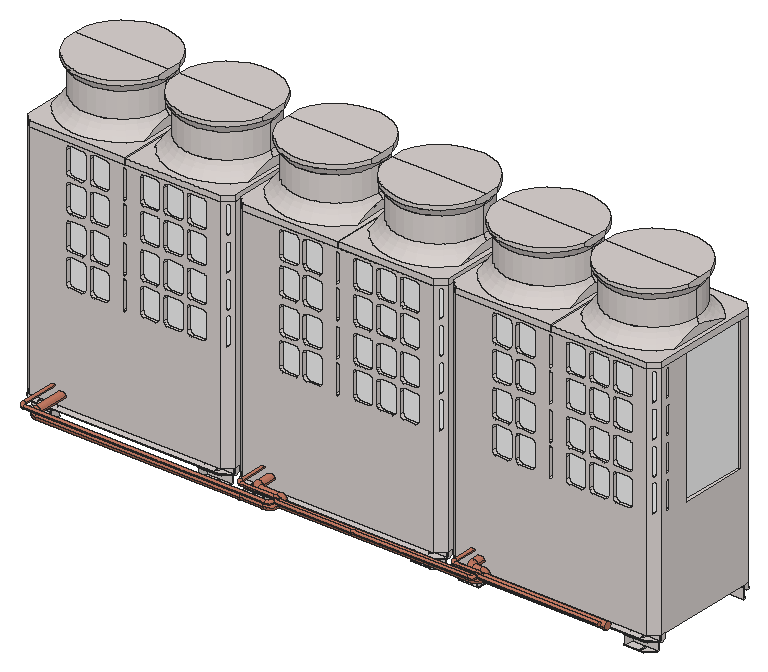
Revit family "PUHY-P1300YSNW-A1", category 機械設備, Revit 2016 (continued)
Definition of nested family "PUHY-P400YNW-A1"
  Lines and regions (mm)
    model lines
      curve 18: arc (-347, -370, 205) -> (-349.929, -370, 212.071) -> (-357, -370, 215) r 10
      curve 19: line (-405, -370, 1521) -> (-405, -370, 716)
      curve 20: line (620, -162.3, 1521) -> (620, -162.3, 95)
      curve 21: line (620, 289.2, 1521) -> (620, 289.2, 95)
      curve 22: line (620, -162.3, 705) -> (620, 289.2, 705)
      curve 23: line (620, -162.3, 725) -> (620, 289.2, 725)
      curve 24: line (620, -76.8, 583) -> (620, 203.2, 583)
      curve 25: line (620, 203.2, 563) -> (620, -76.8, 563)
      curve 26: arc (620, -76.8, 583) -> (620, -83.871, 580.071) -> (620, -86.8, 573) r 10
      curve 27: arc (620, -76.8, 563) -> (620, -83.871, 565.929) -> (620, -86.8, 573) r 10
      curve 28: arc (620, 203.2, 583) -> (620, 210.271, 580.071) -> (620, 213.2, 573) r 10
      curve 29: arc (620, 203.2, 563) -> (620, 210.271, 565.929) -> (620, 213.2, 573) r 10
      curve 30: line (620, -76.8, 478) -> (620, 203.2, 478)
      curve 31: line (620, 203.2, 458) -> (620, -76.8, 458)
      curve 32: arc (620, -76.8, 478) -> (620, -83.871, 475.071) -> (620, -86.8, 468) r 10
      curve 33: arc (620, -76.8, 458) -> (620, -83.871, 460.929) -> (620, -86.8, 468) r 10
      curve 34: arc (620, 203.2, 478) -> (620, 210.271, 475.071) -> (620, 213.2, 468) r 10
      curve 35: arc (620, 203.2, 458) -> (620, 210.271, 460.929) -> (620, 213.2, 468) r 10
      curve 36: line (620, -76.8, 373) -> (620, 203.2, 373)
      curve 37: line (620, 203.2, 353) -> (620, -76.8, 353)
      curve 38: arc (620, -76.8, 373) -> (620, -83.871, 370.071) -> (620, -86.8, 363) r 10
      curve 39: arc (620, -76.8, 353) -> (620, -83.871, 355.929) -> (620, -86.8, 363) r 10
      curve 40: arc (620, 203.2, 373) -> (620, 210.271, 370.071) -> (620, 213.2, 363) r 10
      curve 41: arc (620, 203.2, 353) -> (620, 210.271, 355.929) -> (620, 213.2, 363) r 10
      curve 42: line (620, -76.8, 268) -> (620, 203.2, 268)
      curve 43: line (620, 203.2, 248) -> (620, -76.8, 248)
      curve 44: arc (620, -76.8, 268) -> (620, -83.871, 265.071) -> (620, -86.8, 258) r 10
      curve 45: arc (620, -76.8, 248) -> (620, -83.871, 250.929) -> (620, -86.8, 258) r 10
      curve 46: arc (620, 203.2, 268) -> (620, 210.271, 265.071) -> (620, 213.2, 258) r 10
      curve 47: arc (620, 203.2, 248) -> (620, 210.271, 250.929) -> (620, 213.2, 258) r 10
      curve 48: line (-620, -162.3, 1521) -> (-620, -162.3, 95)
      curve 49: line (-620, 235.7, 1521) -> (-620, 235.7, 95)
      curve 50: line (-620, -112.3, 1521) -> (-620, -112.3, 705)
      curve 51: line (-620, 215.7, 1521) -> (-620, 215.7, 705)
      curve 52: line (-620, 235.7, 705) -> (-620, -162.3, 705)
      curve 53: line (-620, 176.7, 268) -> (-620, -103.3, 268)
      curve 54: line (-620, -103.3, 248) -> (-620, 176.7, 248)
      curve 55: arc (-620, 186.7, 258) -> (-620, 183.771, 265.071) -> (-620, 176.7, 268) r 10
      curve 56: arc (-620, 176.7, 248) -> (-620, 183.771, 250.929) -> (-620, 186.7, 258) r 10
      curve 57: arc (-620, -103.3, 268) -> (-620, -110.371, 265.071) -> (-620, -113.3, 258) r 10
      curve 58: arc (-620, -113.3, 258) -> (-620, -110.371, 250.929) -> (-620, -103.3, 248) r 10
      curve 59: line (-620, 176.7, 373) -> (-620, -103.3, 373)
      curve 60: line (-620, -103.3, 353) -> (-620, 176.7, 353)
      curve 61: arc (-620, 186.7, 363) -> (-620, 183.771, 370.071) -> (-620, 176.7, 373) r 10
      curve 62: arc (-620, 176.7, 353) -> (-620, 183.771, 355.929) -> (-620, 186.7, 363) r 10
      curve 63: arc (-620, -103.3, 373) -> (-620, -110.371, 370.071) -> (-620, -113.3, 363) r 10
      curve 64: arc (-620, -113.3, 363) -> (-620, -110.371, 355.929) -> (-620, -103.3, 353) r 10
      curve 65: line (-620, 176.7, 478) -> (-620, -103.3, 478)
      curve 66: line (-620, -103.3, 458) -> (-620, 176.7, 458)
      curve 67: arc (-620, 186.7, 468) -> (-620, 183.771, 475.071) -> (-620, 176.7, 478) r 10
      curve 68: arc (-620, 176.7, 458) -> (-620, 183.771, 460.929) -> (-620, 186.7, 468) r 10
      curve 69: arc (-620, -103.3, 478) -> (-620, -110.371, 475.071) -> (-620, -113.3, 468) r 10
      curve 70: arc (-620, -113.3, 468) -> (-620, -110.371, 460.929) -> (-620, -103.3, 458) r 10
      curve 71: line (-620, 176.7, 583) -> (-620, -103.3, 583)
      curve 72: line (-620, -103.3, 563) -> (-620, 176.7, 563)
      curve 73: arc (-620, 186.7, 573) -> (-620, 183.771, 580.071) -> (-620, 176.7, 583) r 10
      curve 74: arc (-620, 176.7, 563) -> (-620, 183.771, 565.929) -> (-620, 186.7, 573) r 10
      curve 75: arc (-620, -103.3, 583) -> (-620, -110.371, 580.071) -> (-620, -113.3, 573) r 10
      curve 76: arc (-620, -113.3, 573) -> (-620, -110.371, 565.929) -> (-620, -103.3, 563) r 10
      curve 77: line (-544, 370, 1521) -> (-544, 370, 95)
      curve 78: line (489, 370, 649) -> (30, 370, 649)
      curve 79: line (-30.5, 370, 649) -> (-544, 370, 649)
      curve 80: line (-147.25, 370, 584) -> (-427.25, 370, 584)
      curve 81: line (-427.25, 370, 564) -> (-147.25, 370, 564)
      curve 82: arc (-137.25, 370, 574) -> (-140.179, 370, 581.071) -> (-147.25, 370, 584) r 10
      curve 83: arc (-147.25, 370, 564) -> (-140.179, 370, 566.929) -> (-137.25, 370, 574) r 10
      curve 84: arc (-427.25, 370, 584) -> (-434.321, 370, 581.071) -> (-437.25, 370, 574) r 10
      curve 85: arc (-437.25, 370, 574) -> (-434.321, 370, 566.929) -> (-427.25, 370, 564) r 10
      curve 86: circle (448, -185, 1521) r 15 normal (0, 0, 1)
      curve 87: circle (468, -185, 95) r 26 normal (0, 0, 1)
      curve 88: circle (448, -260, 95) r 32.5 normal (0, 0, 1)
      curve 89: circle (404, -204, 95) r 17 normal (0, 0, 1)
      curve 90: line (-550, -370, 1521) -> (-550, -370, 95)
      curve 91: line (-550, -370, 716) -> (-30, -370, 716)
      curve 92: line (550, -370, 95) -> (550, -370, 1521)
      curve 93: line (30, -370, 716) -> (550, -370, 716)
      curve 94: line (-30.5, 370, 1521) -> (-30.5, 370, 95)
      curve 95: line (30, 370, 1521) -> (30, 370, 95)
      curve 96: line (489, 370, 1521) -> (489, 370, 95)
      curve 97: line (467, 370, 669) -> (467, 370, 649)
      curve 98: line (-352, -370, 223) -> (-550, -370, 223)
      curve 99: line (-342, -370, 213) -> (-342, -370, 95)
      curve 100: arc (-342, -370, 213) -> (-344.929, -370, 220.071) -> (-352, -370, 223) r 10
      curve 101: circle (488, -370, 160) r 32.5 normal (0, -1, 0)
      curve 102: circle (488, -370, 160) r 20 normal (0, -1, 0)
      curve 103: circle (364, -370, 150) r 17 normal (0, -1, 0)
      curve 104: circle (413, -370, 185) r 26 normal (0, -1, 0)
      curve 105: circle (413, -370, 185) r 13.5 normal (0, -1, 0)
      curve 106: line (352, -370, 223) -> (550, -370, 223)
      curve 107: line (342, -370, 213) -> (342, -370, 95)
      curve 108: arc (342, -370, 213) -> (344.929, -370, 220.071) -> (352, -370, 223) r 10
      curve 109: line (-147.25, 370, 479) -> (-427.25, 370, 479)
      curve 110: line (-427.25, 370, 459) -> (-147.25, 370, 459)
      curve 111: arc (-137.25, 370, 469) -> (-140.179, 370, 476.071) -> (-147.25, 370, 479) r 10
      curve 112: arc (-147.25, 370, 459) -> (-140.179, 370, 461.929) -> (-137.25, 370, 469) r 10
      curve 113: arc (-427.25, 370, 479) -> (-434.321, 370, 476.071) -> (-437.25, 370, 469) r 10
      curve 114: arc (-437.25, 370, 469) -> (-434.321, 370, 461.929) -> (-427.25, 370, 459) r 10
      curve 115: line (-147.25, 370, 374) -> (-427.25, 370, 374)
      curve 116: line (-427.25, 370, 354) -> (-147.25, 370, 354)
      curve 117: arc (-137.25, 370, 364) -> (-140.179, 370, 371.071) -> (-147.25, 370, 374) r 10
      curve 118: arc (-147.25, 370, 354) -> (-140.179, 370, 356.929) -> (-137.25, 370, 364) r 10
      curve 119: arc (-427.25, 370, 374) -> (-434.321, 370, 371.071) -> (-437.25, 370, 364) r 10
      curve 120: arc (-437.25, 370, 364) -> (-434.321, 370, 356.929) -> (-427.25, 370, 354) r 10
      curve 121: line (-147.25, 370, 269) -> (-427.25, 370, 269)
      curve 122: line (-427.25, 370, 249) -> (-147.25, 370, 249)
      curve 123: arc (-137.25, 370, 259) -> (-140.179, 370, 266.071) -> (-147.25, 370, 269) r 10
      curve 124: arc (-147.25, 370, 249) -> (-140.179, 370, 251.929) -> (-137.25, 370, 259) r 10
      curve 125: arc (-427.25, 370, 269) -> (-434.321, 370, 266.071) -> (-437.25, 370, 259) r 10
      curve 126: arc (-437.25, 370, 259) -> (-434.321, 370, 251.929) -> (-427.25, 370, 249) r 10
      curve 127: line (399.5, 370, 584) -> (119.5, 370, 584)
      curve 128: line (119.5, 370, 564) -> (399.5, 370, 564)
      curve 129: arc (409.5, 370, 574) -> (406.571, 370, 581.071) -> (399.5, 370, 584) r 10
      curve 130: arc (399.5, 370, 564) -> (406.571, 370, 566.929) -> (409.5, 370, 574) r 10
      curve 131: arc (119.5, 370, 584) -> (112.429, 370, 581.071) -> (109.5, 370, 574) r 10
      curve 132: arc (109.5, 370, 574) -> (112.429, 370, 566.929) -> (119.5, 370, 564) r 10
      curve 133: line (399.5, 370, 479) -> (119.5, 370, 479)
      curve 134: line (119.5, 370, 459) -> (399.5, 370, 459)
      curve 135: arc (409.5, 370, 469) -> (406.571, 370, 476.071) -> (399.5, 370, 479) r 10
      curve 136: arc (399.5, 370, 459) -> (406.571, 370, 461.929) -> (409.5, 370, 469) r 10
      curve 137: arc (119.5, 370, 479) -> (112.429, 370, 476.071) -> (109.5, 370, 469) r 10
      curve 138: arc (109.5, 370, 469) -> (112.429, 370, 461.929) -> (119.5, 370, 459) r 10
      curve 139: line (399.5, 370, 374) -> (119.5, 370, 374)
      curve 140: line (119.5, 370, 354) -> (399.5, 370, 354)
      curve 141: arc (409.5, 370, 364) -> (406.571, 370, 371.071) -> (399.5, 370, 374) r 10
      curve 142: arc (399.5, 370, 354) -> (406.571, 370, 356.929) -> (409.5, 370, 364) r 10
      curve 143: arc (119.5, 370, 374) -> (112.429, 370, 371.071) -> (109.5, 370, 364) r 10
      curve 144: arc (109.5, 370, 364) -> (112.429, 370, 356.929) -> (119.5, 370, 354) r 10
      curve 145: line (399.5, 370, 269) -> (119.5, 370, 269)
      curve 146: line (119.5, 370, 249) -> (399.5, 370, 249)
      curve 147: arc (409.5, 370, 259) -> (406.571, 370, 266.071) -> (399.5, 370, 269) r 10
      curve 148: arc (399.5, 370, 249) -> (406.571, 370, 251.929) -> (409.5, 370, 259) r 10
      curve 149: arc (119.5, 370, 269) -> (112.429, 370, 266.071) -> (109.5, 370, 259) r 10
      curve 150: arc (109.5, 370, 259) -> (112.429, 370, 251.929) -> (119.5, 370, 249) r 10
      curve 151: line (399.5, -370, 584) -> (119.5, -370, 584)
      curve 152: line (119.5, -370, 564) -> (399.5, -370, 564)
      curve 153: arc (409.5, -370, 574) -> (406.571, -370, 581.071) -> (399.5, -370, 584) r 10
      curve 154: arc (399.5, -370, 564) -> (406.571, -370, 566.929) -> (409.5, -370, 574) r 10
      curve 155: arc (119.5, -370, 584) -> (112.429, -370, 581.071) -> (109.5, -370, 574) r 10
      curve 156: arc (109.5, -370, 574) -> (112.429, -370, 566.929) -> (119.5, -370, 564) r 10
      curve 157: line (399.5, -370, 479) -> (119.5, -370, 479)
      curve 158: line (119.5, -370, 459) -> (399.5, -370, 459)
      curve 159: arc (409.5, -370, 469) -> (406.571, -370, 476.071) -> (399.5, -370, 479) r 10
      curve 160: arc (399.5, -370, 459) -> (406.571, -370, 461.929) -> (409.5, -370, 469) r 10
      curve 161: arc (119.5, -370, 479) -> (112.429, -370, 476.071) -> (109.5, -370, 469) r 10
      curve 162: arc (109.5, -370, 469) -> (112.429, -370, 461.929) -> (119.5, -370, 459) r 10
      curve 163: line (399.5, -370, 374) -> (119.5, -370, 374)
      curve 164: line (119.5, -370, 354) -> (399.5, -370, 354)
      curve 165: arc (409.5, -370, 364) -> (406.571, -370, 371.071) -> (399.5, -370, 374) r 10
      curve 166: arc (399.5, -370, 354) -> (406.571, -370, 356.929) -> (409.5, -370, 364) r 10
      curve 167: arc (119.5, -370, 374) -> (112.429, -370, 371.071) -> (109.5, -370, 364) r 10
      curve 168: arc (109.5, -370, 364) -> (112.429, -370, 356.929) -> (119.5, -370, 354) r 10
      curve 169: arc (119.5, -370, 269) -> (112.429, -370, 266.071) -> (109.5, -370, 259) r 10
      curve 170: arc (109.5, -370, 259) -> (112.429, -370, 251.929) -> (119.5, -370, 249) r 10
      curve 171: line (-147.25, -370, 584) -> (-427.25, -370, 584)
      curve 172: line (-427.25, -370, 564) -> (-147.25, -370, 564)
      curve 173: arc (-137.25, -370, 574) -> (-140.179, -370, 581.071) -> (-147.25, -370, 584) r 10
      curve 174: arc (-147.25, -370, 564) -> (-140.179, -370, 566.929) -> (-137.25, -370, 574) r 10
      curve 175: arc (-427.25, -370, 584) -> (-434.321, -370, 581.071) -> (-437.25, -370, 574) r 10
      curve 176: arc (-437.25, -370, 574) -> (-434.321, -370, 566.929) -> (-427.25, -370, 564) r 10
      curve 177: line (-147.25, -370, 479) -> (-427.25, -370, 479)
      curve 178: line (-427.25, -370, 459) -> (-147.25, -370, 459)
      curve 179: arc (-137.25, -370, 469) -> (-140.179, -370, 476.071) -> (-147.25, -370, 479) r 10
      curve 180: arc (-147.25, -370, 459) -> (-140.179, -370, 461.929) -> (-137.25, -370, 469) r 10
      curve 181: arc (-427.25, -370, 479) -> (-434.321, -370, 476.071) -> (-437.25, -370, 469) r 10
      curve 182: arc (-437.25, -370, 469) -> (-434.321, -370, 461.929) -> (-427.25, -370, 459) r 10
      curve 183: line (-147.25, -370, 374) -> (-427.25, -370, 374)
      curve 184: line (-427.25, -370, 354) -> (-147.25, -370, 354)
      curve 185: arc (-137.25, -370, 364) -> (-140.179, -370, 371.071) -> (-147.25, -370, 374) r 10
      curve 186: arc (-147.25, -370, 354) -> (-140.179, -370, 356.929) -> (-137.25, -370, 364) r 10
      curve 187: arc (-427.25, -370, 374) -> (-434.321, -370, 371.071) -> (-437.25, -370, 364) r 10
      curve 188: arc (-437.25, -370, 364) -> (-434.321, -370, 356.929) -> (-427.25, -370, 354) r 10
      curve 189: line (-147.25, -370, 269) -> (-262.25, -370, 269)
      curve 190: line (-262.25, -370, 249) -> (-147.25, -370, 249)
      curve 191: arc (-137.25, -370, 259) -> (-140.179, -370, 266.071) -> (-147.25, -370, 269) r 10
      curve 192: arc (-147.25, -370, 249) -> (-140.179, -370, 251.929) -> (-137.25, -370, 259) r 10
      curve 193: arc (-262.25, -370, 269) -> (-269.321, -370, 266.071) -> (-272.25, -370, 259) r 10
      curve 194: arc (-272.25, -370, 259) -> (-269.321, -370, 251.929) -> (-262.25, -370, 249) r 10
      curve 195: line (234.5, -370, 269) -> (119.5, -370, 269)
      curve 196: line (119.5, -370, 249) -> (234.5, -370, 249)
      curve 197: arc (244.5, -370, 259) -> (241.571, -370, 266.071) -> (234.5, -370, 269) r 10
      curve 198: arc (234.5, -370, 249) -> (241.571, -370, 251.929) -> (244.5, -370, 259) r 10
  Dimensions and locks
    nested 2 to nested 2 = 303.000 mm
    cut or joined group 1 (Extrusion 1, Extrusion 2, Extrusion 3, Extrusion 4, Extrusion 5, Extrusion 6, Extrusion 7, Extrusion 8, Extrusion 9, Extrusion 10, Extrusion 11, Extrusion 12, Extrusion 13, Extrusion 14, Extrusion 15, Extrusion 16, Extrusion 17, Extrusion 18, Extrusion 19, Extrusion 20, Extrusion 21, Extrusion 22, Extrusion 23, Extrusion 24, Extrusion 25, Extrusion 26, Extrusion 27, Extrusion 28, Extrusion 29, Extrusion 30, Extrusion 31, Extrusion 32, Extrusion 33) to cut or joined group 1 = 1240.000 mm
    Extrusion 2 sketch curve to Extrusion 2 sketch curve = 116.800 mm
    Extrusion 2 sketch curve to Extrusion 2 sketch curve = 170.800 mm
    Extrusion 3 sketch curve to Extrusion 3 sketch curve = 116.800 mm
    Extrusion 3 sketch curve to Extrusion 3 sketch curve = 170.800 mm
    Extrusion 4 sketch curve to Extrusion 4 sketch curve = 116.800 mm
    Extrusion 4 sketch curve to Extrusion 4 sketch curve = 170.800 mm
    Extrusion 5 sketch curve to Extrusion 5 sketch curve = 116.800 mm
    Extrusion 5 sketch curve to Extrusion 5 sketch curve = 170.800 mm
    Extrusion 6 sketch curve to Extrusion 6 sketch curve = 116.800 mm
    Extrusion 6 sketch curve to Extrusion 6 sketch curve = 170.800 mm
    Extrusion 7 sketch curve to Extrusion 7 sketch curve = 116.800 mm
    Extrusion 7 sketch curve to Extrusion 7 sketch curve = 170.800 mm
    Extrusion 8 sketch curve to Extrusion 8 sketch curve = 116.800 mm
    Extrusion 8 sketch curve to Extrusion 8 sketch curve = 170.800 mm
    Extrusion 9 sketch curve to Extrusion 9 sketch curve = 116.800 mm
    Extrusion 9 sketch curve to Extrusion 9 sketch curve = 170.800 mm
    cut or joined group 1 to cut or joined group 1 = 50.000 mm  (x2)
    Extrusion 10 sketch curve to Extrusion 10 sketch curve = 116.800 mm
    Extrusion 10 sketch curve to Extrusion 10 sketch curve = 170.800 mm
    Extrusion 11 sketch curve to Extrusion 11 sketch curve = 116.800 mm
    Extrusion 11 sketch curve to Extrusion 11 sketch curve = 170.800 mm
    Extrusion 12 sketch curve to Extrusion 12 sketch curve = 116.800 mm
    Extrusion 12 sketch curve to Extrusion 12 sketch curve = 170.800 mm
    Extrusion 13 sketch curve to Extrusion 13 sketch curve = 116.800 mm
    Extrusion 13 sketch curve to Extrusion 13 sketch curve = 170.800 mm
    Extrusion 14 sketch curve to Extrusion 14 sketch curve = 116.800 mm
    Extrusion 14 sketch curve to Extrusion 14 sketch curve = 170.800 mm
    Extrusion 15 sketch curve to Extrusion 15 sketch curve = 116.800 mm
    Extrusion 15 sketch curve to Extrusion 15 sketch curve = 170.800 mm
    Extrusion 16 sketch curve to Extrusion 16 sketch curve = 116.800 mm
    Extrusion 16 sketch curve to Extrusion 16 sketch curve = 170.800 mm
    Extrusion 17 sketch curve to Extrusion 17 sketch curve = 116.800 mm
    Extrusion 17 sketch curve to Extrusion 17 sketch curve = 170.800 mm
    Extrusion 18 sketch curve to Extrusion 18 sketch curve = 116.800 mm
    Extrusion 18 sketch curve to Extrusion 18 sketch curve = 170.800 mm
    Extrusion 19 sketch curve to Extrusion 19 sketch curve = 116.800 mm
    Extrusion 19 sketch curve to Extrusion 19 sketch curve = 170.800 mm
    Extrusion 20 sketch curve to Extrusion 20 sketch curve = 116.800 mm
    Extrusion 20 sketch curve to Extrusion 20 sketch curve = 170.800 mm
    Extrusion 21 sketch curve to Extrusion 21 sketch curve = 116.800 mm
    Extrusion 21 sketch curve to Extrusion 21 sketch curve = 170.800 mm
    plane 3 "Center (Left/Right)" to cut or joined group 1 = 620.000 mm
    cut or joined group 1 to plane 3 "Center (Left/Right)" = 620.000 mm
    Extrusion 1 sketch curve to Extrusion 1 sketch curve = 1240.000 mm
    cut or joined group 1 to plane 8 = 185.000 mm
    cut or joined group 1 to plane 7 = 166.000 mm
    cut or joined group 1 to plane 6 = 110.000 mm
    cut or joined group 1 to plane 12 to cut or joined group 1 = 805.000 mm, 621.000 mm
    plane 5 to plane 2 = 1858.000 mm  (x2)
    cut or joined group 1 to plane 19 "132" = 132.000 mm
    cut or joined group 1 to plane 22 = 207.000 mm
    cut or joined group 1 to plane 23 = 256.000 mm
    cut or joined group 1 to plane 6 = 60.000 mm
    cut or joined group 1 to cut or joined group 1 = 42.154 mm
    cut or joined group 1 to cut or joined group 1 = 11.895 mm
    nested 1 to nested 3 to level = 1798.000 mm, 60.000 mm
    nested 1 to nested 1 = 303.000 mm
    nested 1 to nested 3 = 1495.000 mm
    nested 8 to nested 8 to nested 8 to nested 7 to nested 7 to nested 7 = 54.000 mm, 20.000 mm, 592.000 mm, 20.000 mm, 54.000 mm
    nested 3 to nested 3 = 56.000 mm
    plane 11 to plane 31 to plane 32 to cut or joined group 1 = 90.000 mm, 1060.000 mm, 90.000 mm
    curve 103 to nested 7 = 90.000 mm
    curve 104 to nested 7 = 125.000 mm
    curve 101 to nested 7 = 100.000 mm
    curve 11 to curve 13 to nested 7 = 84.000 mm, 71.000 mm
    cut or joined group 1 to curve 12 to curve 14 = 125.000 mm, 148.000 mm
    nested 2 to nested 7 = 1495.000 mm
    curve 87 to cut or joined group 1 = 152.000 mm
    curve 88 to cut or joined group 1 = 172.000 mm
    curve 89 to cut or joined group 1 = 216.000 mm
    cut or joined group 1 to curve 4 to curve 2 = 128.000 mm, 150.000 mm
    cut or joined group 1 to curve 1 to curve 3 = 79.000 mm, 94.000 mm
    Extrusion 32 sketch curve to nested 7 = 116.000 mm
    cut or joined group 1 to Extrusion 32 sketch curve = 160.000 mm
    cut or joined group 1 to Extrusion 33 sketch curve = 243.000 mm
    Extrusion 33 sketch curve to nested 7 = 116.000 mm
    aligned and locked: level to plane 2
    aligned and locked: Extrusion 1 to plane 4
  Nested families
    nested 1: "FAN GUARD" at (-311.5, 2, 860), type "FAN GUARD"
      with WIDTH 870.000 mm
    nested 2: "FAN GUARD" at (311.5, 2, 860) x (-1, 0, 0) z (0, 0, 1), type "FAN GUARD"
      with WIDTH 870.000 mm
    nested 3: "ATTACHMENT LEG" at (-524, -349, 0), type "ATTACHMENT LEG"
    nested 4: "ATTACHMENT LEG" at (-524, 349, 0), type "ATTACHMENT LEG"
    nested 5: "ATTACHMENT LEG" at (524, -349, 0) x (-1, 0, 0) z (0, 0, 1), type "ATTACHMENT LEG"
    nested 6: "ATTACHMENT LEG" at (524, 349, 0) x (-1, 0, 0) z (0, 0, 1), type "ATTACHMENT LEG"
    nested 7: "BASE LEG_L_" at (0, -352, 60), type "BASE LEG_L_"
      with Width 1240.000 mm
    nested 8: "BASE LEG_L_" at (0, 352, 60), type "BASE LEG_L_"
      with Width 1240.000 mm
  Connectors
    piping at (-460, -191, 176), diameter 25.4, driven by "Liquid pipe_radius"
      settings: on cut or joined group 1, index 3, connector inside diameter 25.4 mm, connector length 0.000 mm, flow factor 0, pipe flow 0.0 L/s, pressure drop 0.0 Pa, fitting loss kfactor 0, connector angle 0.00°, fixture units 0, engagement length 0.000 mm, angle of deflection 0.00°, flow configuration 0, flow direction 0, fitting loss method 0, system type 22, joint type 0, gender type 0, connector reference index -1, connector utility 0, adjustable connector no, is connector primary yes, connector description "Refrigerant service valve<Liquid pipe>"
    piping at (-377, -191, 176), diameter 28.58, driven by "Gas pipe_radius"
      settings: on cut or joined group 1, index 4, connector inside diameter 28.58 mm, connector length 0.000 mm, flow factor 0, pipe flow 0.0 L/s, pressure drop 0.0 Pa, fitting loss kfactor 0, connector angle 0.00°, fixture units 0, engagement length 0.000 mm, angle of deflection 0.00°, flow configuration 0, flow direction 0, fitting loss method 0, system type 22, joint type 0, gender type 0, connector reference index -1, connector utility 0, adjustable connector no, is connector primary no, connector description "Refrigerant service valve<Gas>"
    electrical at (0, -370, 808)
      settings: on cut or joined group 1, index 5, voltage 0 V, apparent load 0 VA, apparent load phase1 0 VA, apparent load phase2 0 VA, apparent load phase3 0 VA, power factor 1, load classification none, number of poles 1, system type 30, power factor state 1, is connector primary yes, connector utility no, sub classification motor no, connector description ""
  Definition of nested family "FAN GUARD"
    Parameters
      WIDTH [instance] = 870.000 mm
    Reference planes
      plane 1 "中心(正面/背面)": y = -2
      plane 2: z = 0
      plane 3 "ファンガード基準面": z = 661
      plane 4: y = 368
      plane 5: x = 366
      plane 6: x = -375
      plane 7 "ファンガード基準上面": z = 695
      plane 8 "ファンガード上面": z = 998
      plane 9: x = -273.971
      plane 10: x = 308.5
      plane 11: x = -308.5
      plane 12: x = 0
    Forms (mm)
      Extrusion 1, solid
        sketch origin (85, 0, 661) x (-1, 0, 0) y (0, -1, 0)
          loop
            line (343.5, -368) -> (393.5, -318) -> (393.5, 322) -> (343.5, 372) -> (-223.5, 372) -> (-223.5, -368) -> (343.5, -368)
        from 0 to 34
      Revolve 2, solid
        sketch origin (0, -2, 0) x (1, 0, 0) y (0, 0, 1)
          loop
            line (0, 695) -> (0, 998) -> (-290, 998) -> (-290, 972.327) -> (-260, 928.372) -> (-260, 777.384)
            arc (-260, 777.384) -> (-290.651, 730.137) -> (-334.665, 695) r 175.882
            line (-334.665, 695) -> (0, 695)
          axis (0, 998) -> (0, 695)
        angle from 0 to 360
      Extrusion 3, void
        sketch origin (-840, 75, 695) x (-1, 0, 0) y (0, -1, 0)
          loop
            line (-410, -165) -> (-410, 315) -> (-561.253, 315) -> (-561.253, -165) -> (-410, -165)
        from -35 to 430.592
      Extrusion 4, void
        sketch origin (840, 75, 695) x (1, 0, 0) y (0, 1, 0)
          loop
            line (-410, 165) -> (-561.253, 165) -> (-561.253, -315) -> (-410, -315) -> (-410, 165)
        from 0 to 430.592
    Cuts and joins
      Extrusion 3, Extrusion 4 cuts Revolve 2
      Extrusion 4 cuts Extrusion 1
    Lines and regions (mm)
      model lines
        curve 1: line (-278.747, 0, 998) -> (-80, 0, 998)
        curve 2: line (80, 0, 998) -> (278.747, 0, 998)
        curve 3: circle (0, 0, 998) r 80 normal (0, 0, 1)
        curve 4: line (-278.747, -80, 998) -> (278.747, -80, 998)
        curve 5: line (-241.868, -160, 998) -> (241.868, -160, 998)
        curve 6: line (-162.788, -240, 998) -> (162.788, -240, 998)
        curve 7: line (-278.747, 80, 998) -> (278.747, 80, 998)
        curve 8: line (-241.868, 160, 998) -> (240, 160, 998)
        curve 9: line (-160, 240, 998) -> (162.788, 240, 998)
        curve 10: line (0, 290, 998) -> (0, -290, 998)
        curve 11: line (-20, 289.31, 998) -> (-20, -289.31, 998)
        curve 12: line (-40, 287.228, 998) -> (-40, -287.228, 998)
        curve 13: line (-60, 283.725, 998) -> (-60, -283.725, 998)
        curve 14: line (-80, 278.747, 998) -> (-80, -278.747, 998)
        curve 15: line (20, 289.31, 998) -> (20, -289.31, 998)
        curve 16: line (40, 287.228, 998) -> (40, -287.228, 998)
        curve 17: line (60, 283.725, 998) -> (60, -283.725, 998)
        curve 18: line (80, 278.747, 998) -> (80, -278.747, 998)
        curve 19: line (100, 272.213, 998) -> (100, -272.213, 998)
        curve 20: line (120, 264.008, 998) -> (120, -264.008, 998)
        curve 21: line (140, 253.969, 998) -> (140, -253.969, 998)
        curve 22: line (160, 241.868, 998) -> (160, -243.132, 998)
        curve 23: line (180, 227.376, 998) -> (180, -227.624, 998)
        curve 24: line (200, 210, 998) -> (200, -210, 998)
        curve 25: line (220, 188.944, 998) -> (220, -188.944, 998)
        curve 26: line (240, 160, 998) -> (240, -162.788, 998)
        curve 27: line (260, 128.452, 998) -> (260, -128.452, 998)
        curve 28: line (-100, 272.213, 998) -> (-100, -272.213, 998)
        curve 29: line (-120, 264.008, 998) -> (-120, -264.008, 998)
        curve 30: line (-140, 253.969, 998) -> (-140, -253.969, 998)
        curve 31: line (-160, 240, 998) -> (-160, -241.868, 998)
        curve 32: line (-180, 227.376, 998) -> (-180, -227.376, 998)
        curve 33: line (-200, 210, 998) -> (-200, -210, 998)
        curve 34: line (-220, 188.944, 998) -> (-220, -188.944, 998)
        curve 35: line (-240, 162.788, 998) -> (-240, -162.788, 998)
        curve 36: line (-260, 128.452, 998) -> (-260, -128.452, 998)
        curve 37: line (10, 79.373, 998) -> (10, -79.373, 998)
        curve 38: line (-10, 79.373, 998) -> (-10, -79.373, 998)
        curve 39: line (30, 74.162, 998) -> (30, -74.162, 998)
        curve 40: line (50, 62.45, 998) -> (50, -62.45, 998)
        curve 41: line (70, 38.73, 998) -> (70, -38.73, 998)
        curve 42: line (-30, 74.162, 998) -> (-30, -74.162, 998)
        curve 43: line (-50, 62.45, 998) -> (-50, -62.45, 998)
        curve 44: line (-70, 38.73, 998) -> (-70, -38.73, 998)
    Dimensions and locks
      locked: plane 8 "ファンガード上面" to plane 7 "ファンガード基準上面" at 303
      plane 8 "ファンガード上面" to plane 3 "ファンガード基準面" = 337.000 mm
      Revolve 2 sketch curve to Revolve 2 sketch curve = 290.000 mm
      Extrusion 1 sketch curve to Extrusion 1 sketch curve = 740.000 mm
      equal spacing: Extrusion 1 sketch curve, plane 1 "中心(正面/背面)", Extrusion 1 sketch curve
      plane 6 to plane 5 = 741.000 mm
      Extrusion 1 sketch curve to Extrusion 1 sketch curve = 617.000 mm
      plane 11 to plane 10 = 617.000 mm
      cut or joined group of Extrusion 1, Extrusion 4 to cut or joined group of Extrusion 1, Extrusion 4 = 617.000 mm
      cut or joined group of Extrusion 1, Extrusion 4 to cut or joined group of Extrusion 1, Extrusion 4 = 740.000 mm
      aligned and locked: level to plane 2
      aligned and locked: plane 7 "ファンガード基準上面" to Extrusion 1
      aligned and locked: plane 3 "ファンガード基準面" to Extrusion 1
      aligned and locked: cut or joined group of Revolve 2, Extrusion 3, Extrusion 4 to plane 8 "ファンガード上面"
  Definition of nested family "ATTACHMENT LEG"
    Parameters
      Width = 145.000 mm
    Reference planes
      plane 1: z = 0
      plane 2 "中心(左/右)": x = -6
      plane 3: x = -52
      plane 4: x = 85
      plane 5: x = 93
      plane 6: y = -21
      plane 7: y = 27
      plane 8: x = -30
      plane 9: y = 39
      plane 10: z = 60
      plane 11: z = 57
      plane 12: z = 3
      plane 13: x = 82
      plane 14: y = 36
      plane 15: x = -75
      plane 16: y = 31
      plane 17 "幅": x = 93
      plane 18: y = 2.5
      plane 19: y = 21
      plane 20: y = -10
    Forms (mm)
      Extrusion 1, solid
        sketch origin (0, -1, 0) x (1, 0, 0) y (0, 1, 0)
          loop
            line (-75, 36) -> (-75, 27) -> (-28, -20) -> (93, -20) -> (93, 32) -> (85, 32) -> (85, 36) -> (-75, 36)
        from 0 to 60
      Extrusion 2, void
        sketch origin (0, -3, 0) x (1, 0, 0) y (0, 0, 1)
          loop
            line (-75, 57) -> (-75, 3) -> (82, 3) -> (82, 57) -> (-75, 57)
          loop
            line (93, 57) -> (85, 57) -> (85, 3) -> (93, 3) -> (93, 57)
        from -35 to 18
      Extrusion 3, void
        sketch origin (-6, 5.5, 0) x (1, 0, 0) y (0, 1, 0)
          loop
            arc (-7, -8.5) -> (0, -15.5) -> (7, -8.5) r 7
            line (7, -8.5) -> (7, 8.5)
            arc (7, 8.5) -> (0, 15.5) -> (-7, 8.5) r 7
            line (-7, 8.5) -> (-7, -8.5)
        from 0 to 60
    Cuts and joins
      Extrusion 2, Extrusion 3 cuts Extrusion 1
    Dimensions and locks
      locked: plane 3 to plane 4 at 137
      locked: plane 3 to plane 5 at 145
      plane 6 to plane 7 = 48.000 mm
      locked: plane 10 to level at 60
      Extrusion 3 sketch curve to plane 2 "中心(左/右)" = 7.000 mm
      locked: plane 15 to plane 2 "中心(左/右)" at 69
      locked: plane 15 to plane 8 at 45
      locked: plane 6 to plane 18 at 23.5
      cut or joined group of Extrusion 1, Extrusion 2, Extrusion 3 to cut or joined group of Extrusion 1, Extrusion 2, Extrusion 3 = 168.000 mm
      cut or joined group of Extrusion 1, Extrusion 2, Extrusion 3 to cut or joined group of Extrusion 1, Extrusion 2, Extrusion 3 = 56.000 mm  (x2)
      plane 14 to plane 6 = 57.000 mm
      aligned and locked: level to plane 1
      aligned and locked: Extrusion 1 sketch curve to plane 4
      aligned and locked: Extrusion 1 sketch curve to plane 5
      aligned: plane 8 to Extrusion 1 sketch curve
      aligned and locked: plane 10 to Extrusion 1
      aligned and locked: Extrusion 2 sketch curve to plane 11
      aligned: plane 3 to Extrusion 2 sketch curve
      aligned and locked: plane 12 to Extrusion 2 sketch curve
      aligned and locked: Extrusion 2 sketch curve to plane 13
      aligned and locked: plane 6 to Extrusion 2
      aligned and locked: plane 11 to Extrusion 2 sketch curve
      aligned and locked: plane 5 to Extrusion 2 sketch curve
      aligned and locked: Extrusion 2 sketch curve to plane 12
      aligned and locked: Extrusion 2 sketch curve to plane 4
      aligned and locked: plane 15 to Extrusion 1 sketch curve
      aligned and locked: Extrusion 2 sketch curve to cut or joined group of Extrusion 1, Extrusion 2, Extrusion 3
      aligned and locked: Extrusion 1 to plane 16
  Definition of nested family "BASE LEG_L_"
    Parameters
      Width [instance] = 1240.000 mm
    Reference planes
      plane 1 "中心(正面/背面)": y = 0
      plane 2: z = 0
      plane 3 "中心(左/右)": x = 0
      plane 4: x = 620
      plane 5: x = -620
      plane 6: x = -530
      plane 7: x = 530
      plane 8: y = -18
      plane 9: y = 39
      plane 10: z = 53
      plane 11: y = 42
      plane 12: y = 27
      plane 13: x = 575
      plane 14: x = -575
      plane 15: z = 8
      plane 16: y = 11.5
      plane 17: z = 35
    Forms (mm)
      Extrusion 1, solid
        sketch origin (0, 0, 0) x (0, 1, 0) y (0, 0, 1)
          loop
            line (-18, 0) -> (36, 0) -> (36, 32) -> (56, 32) -> (56, 35) -> (33, 35) -> (33, 3) -> (-18, 3) -> (-18, 0)
        from -620 to 620
      Extrusion 2, void
        sketch origin (0, 0, 0) x (1, 0, 0) y (0, 1, 0)
          loop
            line (575, -18) -> (620, -18) -> (620, 27) -> (575, -18)
          loop
            line (-575, -18) -> (-620, 27) -> (-620, -18) -> (-575, -18)
        from 0 to 250
      Extrusion 3, void
        sketch origin (0, 12.023, 0) x (1, 0, 0) y (0, 1, 0)
          loop
            arc (523, -2.971) -> (530, -9.971) -> (537, -2.971) r 7
            line (537, -2.971) -> (537, 3.023)
            arc (537, 3.023) -> (530, 10.023) -> (523, 3.023) r 7
            line (523, 3.023) -> (523, -2.971)
          loop
            line (-523, -2.971) -> (-523, 3.023)
            arc (-523, 3.023) -> (-530, 10.023) -> (-537, 3.023) r 7
            line (-537, 3.023) -> (-537, -2.971)
            arc (-537, -2.971) -> (-530, -9.971) -> (-523, -2.971) r 7
        from 0 to 250
      Extrusion 4, solid
        sketch origin (0, 0, -3) x (1, 0, 0) y (0, 0, 1)
          loop
            line (617, 8) -> (620, 8) -> (620, 35) -> (617, 35) -> (617, 8)
          loop
            line (-617, 8) -> (-617, 35) -> (-620, 35) -> (-620, 8) -> (-617, 8)
        from -36 to -56
      Extrusion 5, solid
        sketch origin (150, 352, 0) x (1, 0, 0) y (0, 1, 0)
          loop
            line (460, -319) -> (455, -319) -> (455, -320) -> (405, -370) -> (410, -370) -> (460, -320) -> (460, -319)
        from 3 to 35
      Extrusion 6, void
        sketch origin (560, -18, 0) x (0.707107, 0.707107, 0) y (0, 0, 1)
          loop
            line (70.711, 3) -> (-6.741, 39.767) -> (-6.741, 3) -> (70.711, 3)
        from -190.256 to 23.776
      Extrusion 7, solid
        sketch origin (-150, 352, 0) x (-1, 0, 0) y (0, -1, 0)
          loop
            line (460, 319) -> (460, 320) -> (410, 370) -> (405, 370) -> (455, 320) -> (455, 319) -> (460, 319)
        from 3 to 35
      Extrusion 8, void
        sketch origin (-560, -18, 0) x (0.707107, -0.707107, 0) y (0, 0, -1)
          loop
            line (-70.711, -3) -> (0, -35) -> (6.741, -35) -> (6.741, -3) -> (-70.711, -3)
        from -190.256 to 23.776
    Cuts and joins
      Extrusion 2, Extrusion 3 cuts Extrusion 1
      joined: Extrusion 1, Extrusion 4
      Extrusion 8 cuts Extrusion 7
      Extrusion 6 cuts Extrusion 5
    Dimensions and locks
      "Width": plane 5 to plane 4
      equal spacing: plane 5, plane 3 "中心(左/右)", plane 4
      locked: plane 5 to plane 6 at 90
      locked: plane 7 to plane 4 at 90
      locked: plane 8 to plane 9 at 57
      locked: plane 10 to level at 53
      locked: plane 9 to plane 11 at 3
      plane 8 to plane 12 = 45.000 mm
      locked: plane 13 to plane 4 at 45
      locked: plane 5 to plane 14 at 45
      equal spacing: Extrusion 3 sketch curve, plane 7, Extrusion 3 sketch curve
      equal spacing: Extrusion 3 sketch curve, plane 6, Extrusion 3 sketch curve
      locked: plane 10 to plane 15 at 45
      locked: cut or joined group of Extrusion 1, Extrusion 2, Extrusion 3, Extrusion 4 to Extrusion 4 sketch curve at 3  (x2)
      locked: plane 8 to plane 16 at 29.5
      plane 8 to plane 11 = 60.000 mm
      cut or joined group of Extrusion 1, Extrusion 2, Extrusion 3, Extrusion 4 to cut or joined group of Extrusion 1, Extrusion 2, Extrusion 3, Extrusion 4 = 35.000 mm
      aligned and locked: level to plane 2
      aligned and locked: plane 8 to Extrusion 1 sketch curve
      aligned and locked: plane 4 to Extrusion 1
      aligned and locked: Extrusion 1 to plane 5
      aligned and locked: Extrusion 2 sketch curve to plane 4
      aligned and locked: Extrusion 2 sketch curve to plane 8
      aligned and locked: plane 12 to Extrusion 2 sketch curve
      aligned and locked: plane 13 to Extrusion 2 sketch curve
      aligned and locked: plane 4 to Extrusion 4 sketch curve
      aligned and locked: plane 5 to Extrusion 4 sketch curve
      aligned and locked: cut or joined group of Extrusion 7, Extrusion 8 to cut or joined group of Extrusion 1, Extrusion 2, Extrusion 3, Extrusion 4
    Automatic sketch dimensions
      Extrusion 3 sketch curve to plane 1 "中心(正面/背面)" = 9.052 mm  (x2)
      Extrusion 3 sketch curve to plane 7 = 7.000 mm
      Extrusion 3 sketch curve to plane 1 "中心(正面/背面)" = 15.046 mm  (x2)
      Extrusion 3 sketch curve to plane 6 = 7.000 mm
      Extrusion 2 sketch curve to plane 5 = 0.000 mm
      plane 8 to Extrusion 2 sketch curve = 0.000 mm
      Extrusion 2 sketch curve to plane 14 = 0.000 mm
      plane 12 to Extrusion 2 sketch curve = 0.000 mm
      Extrusion 4 sketch curve to plane 10 = 21.000 mm
      plane 7 to Extrusion 5 sketch curve = 25.000 mm
      Extrusion 5 sketch curve to Extrusion 5 sketch curve = 5.000 mm  (x2)
      plane 7 to Extrusion 5 sketch curve = 75.000 mm
      plane 8 to Extrusion 5 sketch curve = 0.000 mm
      Extrusion 5 sketch curve to Extrusion 5 sketch curve = 50.000 mm
      Extrusion 5 sketch curve to Extrusion 5 sketch curve = 0.000 mm
      Extrusion 5 sketch curve to Extrusion 5 sketch curve = 1.000 mm
      Extrusion 6 sketch curve to Extrusion 5 = 0.000 mm  (x2)
      Extrusion 6 sketch curve to Extrusion 5 = 6.741 mm
      Extrusion 6 sketch curve to Extrusion 5 = 4.767 mm
      plane 6 to Extrusion 7 sketch curve = 25.000 mm
      Extrusion 7 sketch curve to Extrusion 7 sketch curve = 5.000 mm  (x2)
      Extrusion 7 sketch curve to Extrusion 7 sketch curve = 45.000 mm
      Extrusion 7 sketch curve to plane 8 = 0.000 mm
      Extrusion 7 sketch curve to Extrusion 7 sketch curve = 50.000 mm
      Extrusion 7 sketch curve to Extrusion 7 sketch curve = 0.000 mm
      Extrusion 7 sketch curve to Extrusion 7 sketch curve = 1.000 mm
      Extrusion 8 sketch curve to Extrusion 7 = 0.000 mm  (x2)
      Extrusion 7 to Extrusion 8 sketch curve = 0.000 mm  (x2)
      Extrusion 7 to Extrusion 8 sketch curve = 6.741 mm
      Extrusion 4 sketch curve to plane 17 = 3.000 mm
      Extrusion 4 sketch curve to plane 15 = 3.000 mm  (x2)
      Extrusion 1 sketch curve to plane 17 = 0.000 mm
      Extrusion 1 sketch curve to level = 0.000 mm
      level to Extrusion 1 sketch curve = 3.000 mm
      plane 9 to Extrusion 1 sketch curve = 6.000 mm
      plane 9 to Extrusion 1 sketch curve = 3.000 mm
      Extrusion 1 sketch curve to plane 17 = 3.000 mm
      Extrusion 1 sketch curve to plane 11 = 14.000 mm
Types (6, lengths in mm): name | Voltage | Hertz | Heating Rated Load Ampacity (A) | Heating Current Input (Nominal) (A) | Heating Current Input (A) | Cooling Rated Load Ampacity (A) | Cooling Current Input (A)
  PUHY-P1300YSNW-A1_380V_50Hz | 380 V | 50 Hz | 70.7 | 59.3 | 70.7 | 76 | 76
  PUHY-P1300YSNW-A1_380V_60Hz | 380 V | 60 Hz | 70.7 | 59.3 | 70.7 | 76 | 76
  PUHY-P1300YSNW-A1_400V_50Hz | 400 V | 50 Hz | 67.1 | 56.4 | 67.1 | 72.2 | 72.2
  PUHY-P1300YSNW-A1_400V_60Hz | 400 V | 60 Hz | 67.1 | 56.4 | 67.1 | 72.2 | 72.2
  PUHY-P1300YSNW-A1_415V_50Hz | 415 V | 50 Hz | 64.7 | 54.3 | 64.7 | 69.6 | 69.6
  PUHY-P1300YSNW-A1_415V_60Hz | 415 V | 60 Hz | 64.7 | 54.3 | 64.7 | 69.6 | 69.6
